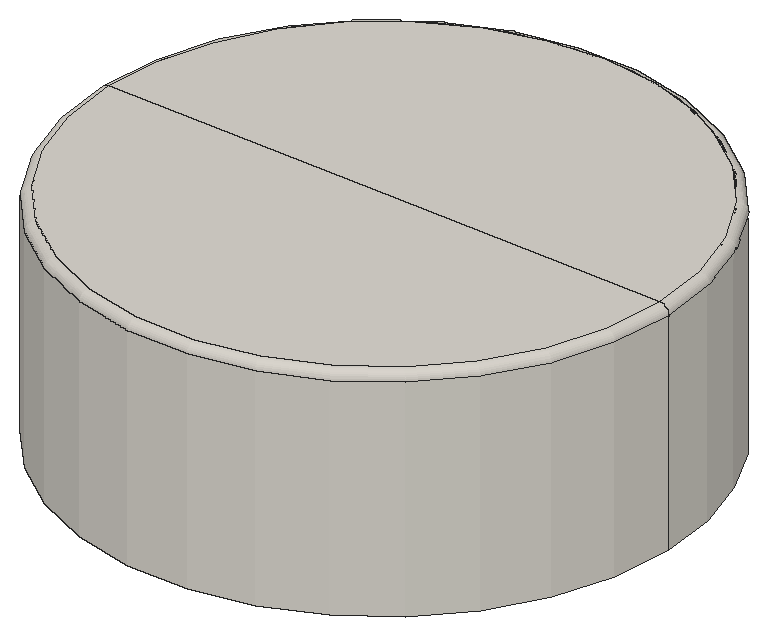
Revit family "MixerTap_Wall_Abey_PocoP_Shower_FaceBased", category Plumbing Fixtures, host Face, Revit 2019
Family settings
  Host = Face
  Round Connector Dimension = Use Diameter
  Part Type = Normal
  OmniClass Number = 23.31.11.19
  OmniClass Title = Faucet Mixing Valves
  Cut with Voids When Loaded = No
  Shared = No
  Room Calculation Point = No
Parameters (values of type "Brushed Nickel (63608-2001)")
  Waste Connection = no
  Vent Connection = no
  Uniclass2015Version = "Products v1.28"
  Uniclass2015Title = "Mixer taps"
  Uniclass2015Code = "Pr_40_20_87_55"
  URL = "https://www.abey.com.au/"
  Type Comments = "Brushed Nickel"
  ModifiedIssue = 20230628
  Model = "63608-2001"
  KnurledMaterial = Metal_Abey_BrushedNickel_Knurled
  BodyMaterial = Metal_Abey_BrushedNickel
  ManufacturerURLProductSpecific = ""
  ManufacturerSpecCode = Model  # "63608-2001"
  ManufacturerOverallWidth = 65 mm  # constant formula
  ManufacturerOverallHeight = 65 mm  # constant formula
  ManufacturerOverallDepth = 25 mm  # constant formula
  Manufacturer = "Abey"  # constant formula
  Keynote = ""
  IfcExportType = "FAUCET"
  IfcExportAs = "ifcValve"
  HW Connection = yes
  Description = ""
  Default Elevation = 0 mm
  CreatedByURL = "https://igsgroup.com.au"
  CreatedBy = "IGS BIM Solutions"  # constant formula
  Cost = 0
  CW Connection = yes
  Assembly Code = "C1030210"
Types (3, lengths in mm): name | Type Comments | KnurledMaterial | BodyMaterial
  Brushed Brass (63608-2001) | "Brushed Brass" | Metal_Abey_Brass_Knurled | Metal_Abey_Brass
  Brushed Nickel (63608-2001) | "Brushed Nickel" | Metal_Abey_BrushedNickel_Knurled | Metal_Abey_BrushedNickel
  Gun Metal (63608-2001) | "Gun Metal" | Metal_Abey_GunMetal_Knurled | Metal_Abey_GunMetal
Reference planes
  plane 1 "Center (Elevation)": y = -28.25
  plane 2 "Back": z = 0
  plane 3 "Center (Left/Right)": x = 18.07
  plane 4 "Bottom": y = -60.75
  plane 5 "Top": y = 4.25
  plane 6 "Left": x = -14.43
  plane 7 "Right": x = 50.57
  plane 8 "Front": z = 25
Forms (mm)
  Extrusion 1, void
    sketch origin (0, 0, 0) x (1, 0, 0) y (0, 1, 0)
      loop
        circle (18.07, -28.074) r 16.081
    from 0 to -30
Text (mm)
  text "Disclaimer:\nDue to ongoing product development and manufacturing evolution, product details are subject to change without notice. Please refer to product technical data sheets on the manufacturers website for the most current product information. Please allow a +/- 5mm manufacturing tolerance for dimensions and set-outs shown in product literature." at (138.8, 67.161, 0), in view "Ref. Level"
Dimensions and locks
  "ManufacturerOverallDepth": plane 8 "Front" to plane 2 "Back"
  "ManufacturerOverallWidth": plane 6 "Left" to plane 7 "Right"
  "ManufacturerOverallHeight": plane 4 "Bottom" to plane 5 "Top"
  equal spacing: plane 6 "Left", plane 3 "Center (Left/Right)", plane 7 "Right"
  equal spacing: plane 4 "Bottom", plane 1 "Center (Elevation)", plane 5 "Top"
  aligned and locked: plane 2 "Back" to host face
  aligned and locked: level to host face
  aligned and locked: plane 3 "Center (Left/Right)" to nested 1
  aligned and locked: plane 1 "Center (Elevation)" to nested 1
  aligned and locked: host face to nested 1
Automatic sketch dimensions
  host sketch curve to host sketch curve = 102.112 mm
  host sketch curve to host sketch curve = 99.054 mm
  Extrusion 1 sketch curve to plane 3 "Center (Left/Right)" = 0 mm
  Extrusion 1 sketch curve to plane 1 "Center (Elevation)" = 0.176 mm
  radius of Extrusion 1 sketch curve = 16.081 mm
Nested families
  nested 1: "z_MixerTap_Wall_Abey_PocoP_Shower" at (75.57, -28.25, 52.5) x (1, 0, 0) z (0, 1, 0), type "Type 1"
Connectors
  piping at (11.012, -28.957, -1), diameter 12.7, driven by "HW Connection"
    settings: on nested 1, index 1, connector inside diameter 24", connector length 0 mm, flow factor 0, pipe flow 0.00 L/s, pressure drop 0 kPa, fitting loss kfactor 0, connector angle 0.00°, fixture units 0, engagement length 0 mm, angle of deflection 0.00°, flow configuration 2, flow direction 1, fitting loss method 0, system type 19, joint type 0, gender type 0, connector reference index -1, connector utility 1, adjustable connector no, is connector primary yes, connector description "Hot Water Supply"
  piping at (25.127, -28.957, -1), diameter 12.7, driven by "CW Connection"
    settings: on nested 1, index 2, connector inside diameter 24", connector length 0 mm, flow factor 0, pipe flow 0.00 L/s, pressure drop 0 kPa, fitting loss kfactor 0, connector angle 0.00°, fixture units 0, engagement length 0 mm, angle of deflection 0.00°, flow configuration 2, flow direction 1, fitting loss method 0, system type 20, joint type 0, gender type 0, connector reference index -1, connector utility 1, adjustable connector no, is connector primary no, connector description "Cold Water Supply"
Definition of nested family "z_MixerTap_Wall_Abey_PocoP_Shower"
  Parameters (values of type "Type 1")
    Waste Connection = no
    Vent Connection = no
    Uniclass2015Version = ""
    Uniclass2015Title = ""
    Uniclass2015Code = ""
    URL = "https://www.abey.com.au/"
    Type Comments = ""
    ModifiedIssue = 0
    Model = ""
    ManufacturerURLProductSpecific = ""
    ManufacturerSpecCode = ""
    ManufacturerOverallWidth = 65 mm  # constant formula
    ManufacturerOverallHeight = 65 mm  # constant formula
    ManufacturerOverallDepth = 25 mm  # constant formula
    Manufacturer = "Abey"  # constant formula
    KnurledMaterial = none
    IfcExportType = ""
    IfcExportAs = ""
    HW Connection = yes
    Description = ""
    Default Elevation = 0 mm
    CreatedByURL = "https://igsgroup.com.au"
    CreatedBy = "IGS BIM Solutions"  # constant formula
    CW Connection = yes
    BodyMaterial = none
    Assembly Code = ""
  Reference planes
    plane 1 "Ref. Level": z = 0
    plane 2 "Center (Left/Right)": x = -57.5
    plane 3 "Left": x = -90
    plane 4 "Right": x = -25
    plane 5 "Back": y = 52.5
    plane 6 "Bottom": z = -32.5
    plane 7 "Top": z = 32.5
    plane 8 "Center (Elevation)": z = 0
    plane 9 "Front": y = 27.5
  Forms (mm)
    Revolve 1, solid, material <- "BodyMaterial"
      sketch origin (0, 0, 0) x (0, -1, 0) y (1, 0, 0)
        loop
          line (-52.5, -57.5) -> (-27.5, -57.5) -> (-27.5, -26)
          arc (-27.5, -26) -> (-27.793, -25.293) -> (-28.5, -25) r 1
          line (-28.5, -25) -> (-52.5, -25) -> (-52.5, -57.5)
        axis (-52.5, -57.5) -> (-27.5, -57.5)
      angle from 0 to 360
    Extrusion 2, solid, material <- "BodyMaterial"
      sketch origin (0, 52.5, 0) x (1, 0, 0) y (0, 0, 1)
        loop
          circle (-64.557, -0.707) r 6.35
        loop
          circle (-50.443, -0.707) r 6.35
      from 0 to -1
  Lines and regions (mm)
    Masking region 1
      outline origin (0, 0, 32.5) x (0, -1, 0) y (1, 0, 0)
        loop
          arc (-27.5, -26) -> (-27.793, -25.293) -> (-28.5, -25) r 1
          line (-28.5, -25) -> (-52.5, -25) -> (-52.5, -90) -> (-28.5, -90)
          arc (-28.5, -90) -> (-27.793, -89.707) -> (-27.5, -89) r 1
          line (-27.5, -89) -> (-27.5, -26)
  Dimensions and locks
    "ManufacturerOverallWidth": plane 3 "Left" to plane 4 "Right"
    equal spacing: plane 7 "Top", plane 8 "Center (Elevation)", plane 6 "Bottom"
    "ManufacturerOverallHeight": plane 7 "Top" to plane 6 "Bottom"
    "ManufacturerOverallDepth": plane 9 "Front" to plane 5 "Back"
    equal spacing: plane 3 "Left", plane 2 "Center (Left/Right)", plane 4 "Right"
    aligned and locked: level to plane 1 "Ref. Level"
    aligned and locked: Revolve 1 sketch curve to plane 5 "Back"
    aligned and locked: Revolve 1 sketch curve to plane 2 "Center (Left/Right)"
    aligned and locked: plane 9 "Front" to Revolve 1 sketch curve
    aligned and locked: Revolve 1 sketch curve to plane 4 "Right"
  Automatic sketch dimensions
    Revolve 1 sketch curve to plane 2 "Center (Left/Right)" = 0 mm
    plane 5 "Back" to Revolve 1 sketch curve = 0 mm
    Revolve 1 sketch curve to plane 9 "Front" = 1 mm
    Revolve 1 sketch curve to plane 9 "Front" = 2.615 mm
    plane 8 "Center (Elevation)" to Extrusion 2 sketch curve = 0.707 mm  (x2)
    Extrusion 2 sketch curve to plane 2 "Center (Left/Right)" = 7.057 mm
    plane 2 "Center (Left/Right)" to Extrusion 2 sketch curve = 7.057 mm
    Masking region 1 sketch curve to plane 4 "Right" = 0 mm
    plane 5 "Back" to Masking region 1 sketch curve = 0 mm
    Masking region 1 sketch curve to plane 3 "Left" = 0 mm
    plane 9 "Front" to Masking region 1 sketch curve = 0 mm
    Masking region 1 sketch curve to plane 9 "Front" = 1 mm  (x2)
    radius of Extrusion 2 sketch curve = 6.35 mm  (x2)
